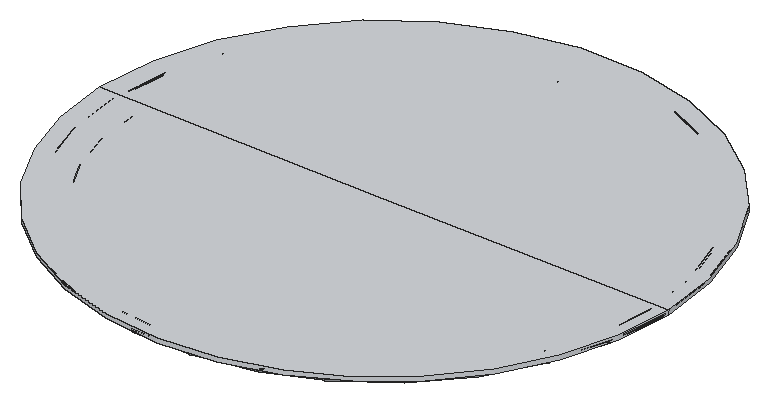
Revit family "OracDecor_R73", category Обобщенные модели, Revit 2019
Family settings
  Может служить основой для арматурных стержней = Нет
  Размер круглого соединителя = Использовать диаметр
  Тип детали = Нормальный
  На основе рабочей плоскости = Нет
  Всегда вертикально = Да
  При загрузке вырезать с полостями = Нет
  Общий = Нет
  Точка расчета площади = Нет
Parameters
  Изготовитель = "Family from POCHERTEAM"  # constant formula
  URL = "t.me/pocherteam"
Reference planes
  plane 1 "По центру (Вперед/Назад)": y = 0
  plane 2: z = 0
  plane 3 "По центру (Влево/Вправо)": x = 0
Forms (mm)
  Revolve 1, solid
    sketch origin (0, 0, 0) x (1, 0, 0) y (0, 0, 1)
      loop
        line (0, 0) -> (0, -45) -> (50, -45)
        arc (50, -45) -> (122.088, -26.093) -> (196.484, -21.696) r 378.027
        arc (196.484, -21.696) -> (203.984, -25.7) -> (211.484, -21.696) r 9.026
        arc (211.484, -21.696) -> (257.406, -11.963) -> (304.231, -8.662) r 339.296
        arc (304.231, -8.662) -> (315.146, -19.577) -> (326.062, -8.662) r 10.915
        arc (326.062, -8.662) -> (330.241, -5.837) -> (334.421, -8.662) r 4.505
        arc (334.421, -8.662) -> (338.826, -11.638) -> (343.231, -8.662) r 4.748
        arc (343.231, -8.662) -> (345.955, -5.609) -> (350, -5) r 6.026
        line (350, -5) -> (350, 0) -> (0, 0)
      axis (0, 0) -> (0, -45)
    angle from 0 to 360
Dimensions and locks
  Revolve 1 to Revolve 1 = 700 mm
  level to Revolve 1 = 45 mm
  aligned and locked: level to plane 2
